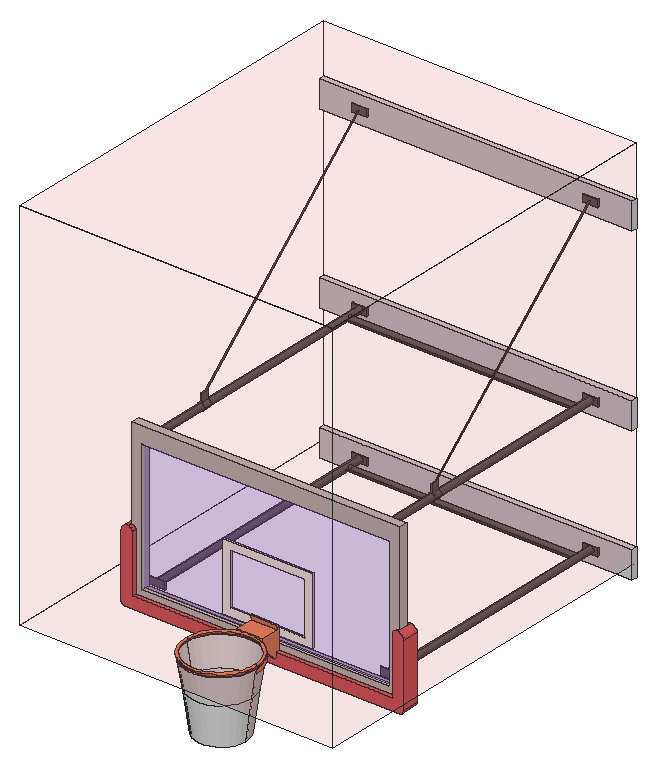
Revit family "Gymnasium-Eqpt_Basketball_IPIbyBison_IP12WF", category Specialty Equipment, Revit 2023
Family settings
  Round Connector Dimension = Use Diameter
  Part Type = Normal
  Work Plane-Based = Yes
  Enable Cutting in Views = No
  Always vertical = No
  Cut with Voids When Loaded = No
  Maintain Annotation Orientation = No
  Shared = No
  Room Calculation Point = No
Parameters (values of type "Wall Mounted Fold Up")
  wall distance text = "4 to 10 ft from Wall"
  Warranty Duration (Years) = 0
  Unit Width = 7' - 0"
  Unit Height [instance] = Stringer Height_First + 0' 2"  # 10' - 0"
  Unit Depth = 2' - 8"
  URL = "https://ipibybison.com/"
  Stringer Wood [instance] = none
  Stringer Height_Third [instance] = 4' - 0"
  Stringer Height_Second [instance] = 3' - 0"
  Stringer Height_First [instance] = 9' - 10"
  Specification = ""
  SpecWizard = ""
  Send Message = ""
  Sales Information = "https://ipibybison.com/ArchitectsPage.php"
  Rim Color [instance] = Plastic - IPI by Bison - Orange OR
  Revision = "R1_01-2018"
  Range of Wall Distance [instance] = wall distance text  # "4 to 10 ft from Wall"
  Product Properties = ""
  Product Data = "http://www.arcat.com/arcatcos/cos49/arc49571.html"
  Net Color [instance] = Finish - IPI by Bison - White Netting
  Model = "IP12WF"
  Manufacturer Website = "https://ipibybison.com/"
  Manufacturer Phone - Toll Free = "800-637-7968"
  Manufacturer Phone = ""
  Manufacturer Fax = "800-638-0698"
  Manufacturer Address = "603 L St  Lincoln, NE 68508"
  Manufacturer = "IPI by Bison"
  Maintenance Schedule (Months) = 0
  Keynote = ""
  Installation-Fabrication = ""
  Installation Phase = ""
  Green Building-LEED = ""
  Glass [instance] = Glass
  Frame Finish [instance] = Finish - IPI by Bison - Black
  Folding Clearance [instance] = ARCAT Clearance
  Expected Lifespan (Years) = 0
  Drawn By = "Sumex Design, Inc. / Robert S. Weygant, CSI, CDT, SCIP"
  Description = "IPI by Bison Wall Mounted Up Folding Basketball Backboard - IP12WF as Specified"
  Default Elevation = 0' - 0"
  Copyright = "©Arcat Inc."
  Construction Details = ""
  Clearance Visible [instance] = yes
  Backboard Square Color [instance] = Finish - IPI by Bison - White
  Backboard Padding Color [instance] = Plastic - IPI by Bison - Scarlet SC
  Backboard Distance from Wall [instance] = 6' - 0"
  Backboard Color [instance] = Finish - IPI by Bison - Satin Aluminum
  Assembly Code = ""
Reference planes (in)
  plane 1 "Center (Front/Back)": y = 0
  plane 2 "Bottom": z = 0
  plane 3 "Center (Left/Right)": x = 0
  plane 4 "Left": x = -42
  plane 5 "Right": x = 42
  plane 6 "Top": z = 120
  plane 7: y = -72
  plane 8: y = -59.5813
  plane 9: z = 118
  plane 10: z = 154
  plane 11: z = 202
  plane 12: x = -31.00488
  plane 13: x = 31.00488
  plane 14: y = -69.5
  plane 15: y = -54
Forms (in)
  Extrusion 1, solid, material <- "Stringer Wood"
    sketch origin (0, 0, 0) x (0, 1, 0) y (0, 0, 1)
      loop
        line (0, 198.375) -> (0, 205.625) -> (-1.5, 205.625) -> (-1.5, 198.375) -> (0, 198.375)
      loop
        line (0, 150.375) -> (0, 157.625) -> (-1.5, 157.625) -> (-1.5, 150.375) -> (0, 150.375)
      loop
        line (0, 114.375) -> (0, 121.625) -> (-1.5, 121.625) -> (-1.5, 114.375) -> (0, 114.375)
    from -42 to 42
  Extrusion 2, solid, material "Finish - IPI by Bison - Black" <- "Frame Finish"
    sketch origin (-31.00488, -180, 220.71867) x (0, 0, 1) y (0, -1, 0)
      loop
        line (-67.71867, -110.25) -> (-67.71867, -110.5) -> (-65.71867, -110.5) -> (-65.71867, -110.25) -> (-67.71867, -110.25)
      loop
        line (-101.71867, -110.25) -> (-103.71867, -110.25) -> (-103.71867, -110.5) -> (-101.71867, -110.5) -> (-101.71867, -110.25)
      loop
        line (-67.71867, -178.5) -> (-65.71867, -178.5) -> (-65.71867, -178.25) -> (-67.71867, -178.25) -> (-67.71867, -178.5)
      loop
        line (-103.71867, -178.5) -> (-101.71867, -178.5) -> (-101.71867, -178.25) -> (-103.71867, -178.25) -> (-103.71867, -178.5)
      loop
        line (-19.71867, -178.5) -> (-17.71867, -178.5) -> (-17.71867, -178.25) -> (-19.71867, -178.25) -> (-19.71867, -178.5)
    from 2 to -2
  Extrusion 3, solid, material "Finish - IPI by Bison - Black" <- "Frame Finish"
    sketch origin (31.00488, -180, 220.71867) x (0, 0, 1) y (0, -1, 0)
      loop
        line (-65.71867, -110.25) -> (-67.71867, -110.25) -> (-67.71867, -110.5) -> (-65.71867, -110.5) -> (-65.71867, -110.25)
      loop
        line (-103.71867, -110.25) -> (-103.71867, -110.5) -> (-101.71867, -110.5) -> (-101.71867, -110.25) -> (-103.71867, -110.25)
      loop
        line (-103.71867, -178.25) -> (-103.71867, -178.5) -> (-101.71867, -178.5) -> (-101.71867, -178.25) -> (-103.71867, -178.25)
      loop
        line (-67.71867, -178.25) -> (-67.71867, -178.5) -> (-65.71867, -178.5) -> (-65.71867, -178.25) -> (-67.71867, -178.25)
      loop
        line (-19.71867, -178.25) -> (-19.71867, -178.5) -> (-17.71867, -178.5) -> (-17.71867, -178.25) -> (-19.71867, -178.25)
    from 2 to -2
  Extrusion 4, solid, material "Finish - IPI by Bison - Black" <- "Frame Finish"
    sketch origin (31.00488, -1.75, 143) x (0, 0, 1) y (-1, 0, 0)
      loop
        circle (11, 62.00977) r 0.875
      loop
        circle (-25, 62.00977) r 0.875
      loop
        circle (11, 0) r 0.875
      loop
        circle (-25, 0) r 0.875
    from 0 to 67.75
  Extrusion 5, solid, material "Finish - IPI by Bison - Black" <- "Frame Finish"
    sketch origin (0, -54, 159.04229) x (0, 0, 1) y (1, 0, 0)
      loop
        line (-4.05404, 30.85203) -> (-1.80404, 30.85203) -> (-1.80404, 31.15773) -> (-4.05404, 31.15773)
        arc (-4.05404, 31.15773) -> (-6.04229, 31.00488) -> (-4.05404, 30.85203) r 1
      loop
        arc (-4.05404, -30.85203) -> (-6.04229, -31.00488) -> (-4.05404, -31.15773) r 1
        line (-4.05404, -31.15773) -> (-1.80404, -31.15773) -> (-1.80404, -30.85203) -> (-4.05404, -30.85203)
    from 1 to -1
  Sweep 6, solid, material "Finish - IPI by Bison - Black" <- "Frame Finish"
    path origin (0, 0, 0) x (0, 1, 0) y (0, 0, 1)
      loop
        line (-54, 156.75) -> (-2.09969, 202)
    profile origin (0, -28.04984, 179.375) x (0, -0.657165, 0.753747) y (1, 0, 0)
      loop
        circle (0, -31.00488) r 0.125
      loop
        circle (0, 31.00488) r 0.125
  Extrusion 7, solid, material "ARCAT Clearance" <- "Folding Clearance", visible <- "Clearance Visible"
    sketch origin (0, 0, 0) x (0, 1, 0) y (0, 0, 1)
      loop
        line (-102, 118) -> (0, 118) -> (0, 219) -> (-102, 219) -> (-102, 118)
    from -42 to 42
  Extrusion 8, solid, material "Finish - IPI by Bison - Black" <- "Frame Finish"
    sketch origin (0, 0, 0) x (0, 1, 0) y (0, 0, 1)
      loop
        circle (-6, 154) r 0.75
      loop
        circle (-6, 118) r 0.75
    from -31.00488 to 31.00488
Dimensions and locks (in)
  equal spacing: plane 4 "Left", plane 3 "Center (Left/Right)", plane 5 "Right"
  "Unit Width": plane 4 "Left" to plane 5 "Right"
  "Unit Height": plane 6 "Top" to level
  locked: plane 7 to plane 8 at 12.4187
  "Backboard Distance from Wall": plane 7 to plane 1 "Center (Front/Back)"
  "Stringer Height_First": plane 9 to level
  "Stringer Height_Second": plane 10 to plane 9
  "Stringer Height_Third": plane 11 to plane 10
  Extrusion 1 sketch curve to plane 9 to Extrusion 1 sketch curve = 0' - 3 5/8" locked, 0' - 3 5/8" locked
  Extrusion 1 sketch curve to plane 10 to Extrusion 1 sketch curve = 0' - 3 5/8" locked, 0' - 3 5/8" locked
  Extrusion 1 sketch curve to plane 11 to Extrusion 1 sketch curve = 0' - 3 5/8" locked, 0' - 3 5/8" locked
  Extrusion 2 sketch curve to plane 10 to Extrusion 2 sketch curve = 0' - 1" locked, 0' - 1" locked  (x2)
  plane 7 to Extrusion 2 sketch curve to Extrusion 2 sketch curve = 0' - 2 1/4" locked, 0' - 0 1/4" locked  (x2)
  Extrusion 2 sketch curve to plane 9 to Extrusion 2 sketch curve = 0' - 1" locked, 0' - 1" locked  (x2)
  Extrusion 2 sketch curve to plane 11 to Extrusion 2 sketch curve = 0' - 1" locked, 0' - 1" locked
  equal spacing: plane 13, plane 3 "Center (Left/Right)", plane 12
  locked: plane 13 to plane 12 at 62.00977
  locked: Extrusion 3 sketch curve to Extrusion 3 sketch curve at 0.25  (x5)
  Extrusion 3 sketch curve to plane 10 to Extrusion 3 sketch curve = 0' - 1" locked, 0' - 1" locked  (x2)
  Extrusion 3 sketch curve to plane 9 to Extrusion 3 sketch curve = 0' - 1" locked, 0' - 1" locked  (x2)
  locked: plane 7 to Extrusion 3 sketch curve at 2.25  (x2)
  Extrusion 3 sketch curve to plane 11 to Extrusion 3 sketch curve = 0' - 1" locked, 0' - 1" locked
  locked: Extrusion 4 sketch curve to plane 12 at 0
  locked: Extrusion 4 sketch curve to plane 10 at 0
  locked: plane 12 to Extrusion 4 sketch curve at 0
  locked: plane 9 to Extrusion 4 sketch curve at 0  (x2)
  locked: plane 13 to Extrusion 4 sketch curve at 0
  locked: Extrusion 4 sketch curve to plane 13 at 0
  locked: plane 10 to Extrusion 4 sketch curve at 0
  locked: plane 7 to plane 14 at 2.5
  locked: plane 7 to plane 15 at 18
  Extrusion 5 sketch curve to plane 13 to Extrusion 5 sketch curve to Extrusion 5 sketch curve = 0' - 0.15285" locked, 0' - 0" locked, 0' - 0.15285" locked
  Extrusion 5 sketch curve to plane 12 to Extrusion 5 sketch curve to Extrusion 5 sketch curve = 0' - 0.15285" locked, 0' - 0" locked, 0' - 0.15285" locked
  Extrusion 5 sketch curve to plane 10 to Extrusion 5 sketch curve = 0' - 3.23825" locked, 0' - 0" locked  (x2)
  locked: Sweep 6 sketch curve to plane 1 "Center (Front/Back)" at 2.09969
  locked: plane 11 to Sweep 6 sketch curve at 0
  locked: Sweep 6 sketch curve to plane 10 at 2.75
  locked: plane 15 to Sweep 6 sketch curve
  locked: Extrusion 3 sketch curve to plane 1 "Center (Front/Back)" at 1.5
  locked: Extrusion 7 sketch curve to plane 11 at 17
  locked: Extrusion 7 sketch curve to plane 7 at 30
  locked: Extrusion 8 sketch curve to plane 1 "Center (Front/Back)" at 6  (x2)
  locked: plane 10 to Extrusion 8 sketch curve at 0
  locked: plane 9 to Extrusion 8 sketch curve at 0
  aligned and locked: nested 1 to plane 8
  aligned and locked: Extrusion 1 to plane 4 "Left"
  aligned and locked: plane 5 "Right" to Extrusion 1
  aligned and locked: plane 14 to Extrusion 4
  aligned and locked: Extrusion 7 sketch curve to plane 9
  aligned and locked: plane 5 "Right" to Extrusion 7
  aligned and locked: Extrusion 7 to plane 4 "Left"
  aligned and locked: plane 13 to Extrusion 8
  aligned and locked: Extrusion 8 to plane 12
Automatic sketch dimensions
  Extrusion 1 sketch curve to plane 1 "Center (Front/Back)" = 0' - 0"  (x3)
  plane 1 "Center (Front/Back)" to Extrusion 1 sketch curve = 0' - 1 1/2"  (x3)
  plane 1 "Center (Front/Back)" to Extrusion 2 sketch curve = 0' - 1 3/4"  (x3)
  Extrusion 2 sketch curve to Extrusion 2 sketch curve = 0' - 0 1/4"  (x3)
  plane 1 "Center (Front/Back)" to Extrusion 3 sketch curve = 0' - 1 3/4"  (x2)
  Extrusion 5 sketch curve to Extrusion 5 sketch curve = 0' - 2 1/4"  (x2)
  Sweep 6 sketch curve to profile plane = 0' - 0"  (x2)
  Sweep 6 sketch curve to plane 3 "Center (Left/Right)" = 2' - 7.00488"
  plane 3 "Center (Left/Right)" to Sweep 6 sketch curve = 2' - 7.00488"
  Extrusion 7 sketch curve to plane 1 "Center (Front/Back)" = 0' - 0"
  radius of Extrusion 4 sketch curve = 0' - 0 7/8"  (x4)
  radius of Sweep 6 sketch curve = 0' - 0 1/8"  (x2)
  radius of Extrusion 8 sketch curve = 0' - 0 3/4"  (x2)
Nested families (in)
  nested 1: "Backboard_BA42XLGlass" at (0, -59.5813, 120) x (-1, 0, 0) z (0, 0, 1), backboard color <- "Backboard Color", backboard square color <- "Backboard Square Color", glass <- "Glass", rim finish <- "Rim Color", net color <- "Net Color", height offset <- "Unit Height", padding color <- "Backboard Padding Color", type "Backboard_BA42XLGlass"
    with rim finish Plastic - IPI by Bison - Orange OR, padding color Plastic - IPI by Bison - Scarlet SC, net color Finish - IPI by Bison - White Netting, height offset 10' - 0", glass Glass, frame finish none, backboard square color Finish - IPI by Bison - White, backboard color Finish - IPI by Bison - Satin Aluminum
Definition of nested family "Backboard_BA42XLGlass"
  Parameters (values of type "Backboard_BA42XLGlass")
    padding color [instance] = none
    net color [instance] = none
    rim finish [instance] = none
    height offset [instance] = 9' - 6"
    glass [instance] = none
    frame finish [instance] = none
    backboard square color [instance] = none
    backboard color [instance] = none
    Default Elevation = 4' - 0"
  Reference planes (in)
    plane 1 "Center (Front/Back)": y = 0
    plane 2: z = 0
    plane 3 "Center (Left/Right)": x = 0
    plane 4: z = -114
  Forms (in)
    Extrusion 1, solid, material <- "backboard color"
      sketch origin (-8.43545, 11.2937, 28.94441) x (1, 0, 0) y (0, 0, 1)
        loop
          line (-27.56455, 6.99989) -> (-27.56455, -35.00011) -> (44.43545, -35.00011) -> (44.43545, 6.99989) -> (-27.56455, 6.99989)
        loop
          line (41.81045, 2.74989) -> (-24.93955, 2.74989) -> (-24.93955, -32.37511) -> (41.81045, -32.37511) -> (41.81045, 2.74989)
      from 1.125 to -1.125
    Extrusion 2, solid, material <- "padding color"
      sketch origin (-8.43545, 11.2937, 29.06941) x (1, 0, 0) y (0, 0, 1)
        loop
          line (-27.55038, -17.62511) -> (-27.80038, -17.62511)
          arc (-27.80038, -17.62511) -> (-29.03781, -18.13767) -> (-29.55038, -19.37511) r 1.75
          line (-29.55038, -19.37511) -> (-29.55038, -36.12511)
          arc (-29.55038, -36.12511) -> (-29.25748, -36.83222) -> (-28.55038, -37.12511) r 1
          line (-28.55038, -37.12511) -> (45.44962, -37.12511)
          arc (45.44962, -37.12511) -> (46.15673, -36.83222) -> (46.44962, -36.12511) r 1
          line (46.44962, -36.12511) -> (46.44962, -19.37511)
          arc (46.44962, -19.37511) -> (45.93706, -18.13767) -> (44.69962, -17.62511) r 1.75
          line (44.69962, -17.62511) -> (44.42127, -17.62511)
          arc (44.42127, -17.62511) -> (43.71416, -17.918) -> (43.42127, -18.62511) r 1
          line (43.42127, -18.62511) -> (43.42127, -33.98376) -> (-26.55038, -33.98376) -> (-26.55038, -18.62511)
          arc (-26.55038, -18.62511) -> (-26.84327, -17.918) -> (-27.55038, -17.62511) r 1
      from -2.18697 to 2.14819
    Revolve 3, solid, material <- "net color"
      sketch origin (-8.43545, 27.4812, 28.93687) x (1, 0, 0) y (0, 0, 1)
        loop
          circle (-0.85808, -29.24642) r 0.3125
        loop
          line (-1.03195, -29.9762) -> (0.27041, -37.36226) -> (1.80132, -48.25521) -> (2.05377, -48.25521) -> (0.51737, -37.32314) -> (-0.77809, -29.9762) -> (-1.03195, -29.9762)
        axis (8.43545, -48.25521) -> (8.43545, -29.24642)
      angle from 0 to 360
    Revolve 4, solid, material <- "rim finish"
      sketch origin (0.02792, 11.2937, 0) x (0, 1, 0) y (0, 0, 1)
        loop
          line (6.79001, -0.625) -> (6.54001, -0.625) -> (6.54001, -2.125) -> (6.79001, -2.125) -> (6.79001, -0.625)
        axis (16.04001, -2.125) -> (16.04001, -0.625)
      angle from -90 to 90
    Extrusion 5, solid, material <- "rim finish"
      sketch origin (0, 0, 0) x (0, 1, 0) y (0, 0, 1)
        loop
          line (17.69724, 0) -> (12.8212, 0) -> (13.12361, 1.21287) -> (12.79369, 1.29513) -> (12.47078, 0) -> (12.47078, -6.5) -> (13.63137, -6.5) -> (17.69724, -2.43414) -> (17.69724, 0)
      from -3.50075 to 3.49925
    Extrusion 6, solid, material <- "backboard square color"
      sketch origin (0.02792, 11.2937, 0) x (1, 0, 0) y (0, 0, 1)
        loop
          line (-12.02792, 16.0023) -> (-12.02792, -1.9977) -> (11.97208, -1.9977) -> (11.97208, 16.0023) -> (-12.02792, 16.0023)
        loop
          line (-10.02792, 14.0023) -> (-10.02792, 0) -> (9.97208, 0) -> (9.97208, 14.0023) -> (-10.02792, 14.0023)
      from -0.44333 to 0.05679
    Extrusion 7, solid, material <- "glass"
      sketch origin (0.02792, 11.2937, 0) x (1, 0, 0) y (0, 0, 1)
        loop
          line (-33.40292, 31.6943) -> (-33.40292, -3.4307) -> (33.34708, -3.4307) -> (33.34708, 31.6943) -> (-33.40292, 31.6943)
      from -0.405 to 0
  Lines and regions (in)
    model lines
      curve 1: line (-0.00075, 0, 0) -> (-0.00075, 0, -114)
  Dimensions and locks (in)
    "height offset": level to plane 4
    aligned and locked: plane 2 to level
    aligned and locked: plane 4 to curve 1
  Automatic sketch dimensions
    curve 1 to level = 0' - 0"
    curve 1 to plane 3 "Center (Left/Right)" = 0' - 0.00075"
    Extrusion 1 sketch curve to plane 3 "Center (Left/Right)" = 3' - 0"
    Extrusion 1 sketch curve to Extrusion 1 sketch curve = 0' - 2 5/8"  (x2)
    plane 3 "Center (Left/Right)" to Extrusion 1 sketch curve = 2' - 9 3/8"
    Extrusion 1 sketch curve to level = 0' - 6.0557"
    Extrusion 1 sketch curve to level = 0' - 3.4307"
    level to Extrusion 1 sketch curve = 2' - 7.6943"
    Extrusion 1 sketch curve to Extrusion 1 sketch curve = 0' - 4 1/4"
    level to Extrusion 2 sketch curve = 0' - 9.6943"
    Extrusion 2 sketch curve to plane 3 "Center (Left/Right)" = 3' - 1.98582"
    Extrusion 2 sketch curve to Extrusion 2 sketch curve = 0' - 1"  (x4)
    Extrusion 2 sketch curve to Extrusion 2 sketch curve = 0' - 1 3/4"
    Extrusion 2 sketch curve to Extrusion 2 sketch curve = 0' - 0 1/4"
    level to Extrusion 2 sketch curve = 0' - 10.4443"
    plane 3 "Center (Left/Right)" to Extrusion 2 sketch curve = 2' - 10.98582"
    Extrusion 2 sketch curve to Extrusion 2 sketch curve = 0' - 0.27835"
    Extrusion 2 sketch curve to Extrusion 2 sketch curve = 0' - 2.02835"
    Extrusion 2 sketch curve to level = 0' - 4.91435"
    Extrusion 2 sketch curve to Extrusion 2 sketch curve = 0' - 2.14135"
    Revolve 3 sketch curve to plane 3 "Center (Left/Right)" = 0' - 0"
    Revolve 3 sketch curve to plane 3 "Center (Left/Right)" = 0' - 6.38167"
    Revolve 3 sketch curve to Revolve 3 sketch curve = 0' - 0.25246"
    Revolve 3 sketch curve to plane 3 "Center (Left/Right)" = 0' - 7.91808"
    Revolve 3 sketch curve to Revolve 3 sketch curve = 0' - 0.24696"
    Revolve 3 sketch curve to level = 0' - 1.03933"
    Revolve 3 sketch curve to Revolve 3 sketch curve = 0' - 1.0485"
    Revolve 3 sketch curve to level = 0' - 0.30954"
    Revolve 3 sketch curve to Revolve 3 sketch curve = 0' - 0.07999"
    Revolve 3 sketch curve to Revolve 3 sketch curve = 0' - 0.25386"
    Revolve 3 sketch curve to Revolve 3 sketch curve = 0' - 7.34694"
    Revolve 3 sketch curve to Revolve 3 sketch curve = 0' - 0.03911"
    Revolve 3 sketch curve to Revolve 3 sketch curve = 0' - 10.89295"
    Revolve 3 sketch curve to level = 0' - 0.00754"
    level to Revolve 3 sketch curve = 0' - 2.99246"
    Revolve 4 sketch curve to level = 0' - 2 1/8"
    Revolve 4 sketch curve to plane 1 "Center (Front/Back)" = 1' - 5.83371"
    Revolve 4 sketch curve to Revolve 4 sketch curve = 0' - 0 1/4"
    Revolve 4 sketch curve to level = 0' - 0 5/8"  (x2)
    Revolve 4 sketch curve to Revolve 4 sketch curve = 0' - 9 1/4"
    level to Revolve 4 sketch curve = 0' - 3 1/8"
    Extrusion 5 sketch curve to level = 0' - 0"  (x2)
    Extrusion 5 sketch curve to plane 1 "Center (Front/Back)" = 1' - 0.47078"
    level to Extrusion 5 sketch curve = 0' - 1.29513"
    Extrusion 5 sketch curve to Extrusion 5 sketch curve = 0' - 0.32291"
    Extrusion 5 sketch curve to Extrusion 5 sketch curve = 0' - 0.35043"
    Extrusion 5 sketch curve to Extrusion 5 sketch curve = 0' - 1.16059"
    Extrusion 5 sketch curve to Extrusion 5 sketch curve = 0' - 4.57363"
    Extrusion 5 sketch curve to Extrusion 5 sketch curve = 0' - 2.43414"
    Extrusion 5 sketch curve to Extrusion 5 sketch curve = 0' - 6 1/2"
    Extrusion 6 sketch curve to level = 0' - 0"
    Extrusion 6 sketch curve to level = 0' - 1.9977"
    Extrusion 6 sketch curve to plane 3 "Center (Left/Right)" = 1' - 0"
    Extrusion 6 sketch curve to Extrusion 6 sketch curve = 0' - 2"  (x3)
    plane 3 "Center (Left/Right)" to Extrusion 6 sketch curve = 0' - 10"
    Extrusion 6 sketch curve to Extrusion 6 sketch curve = 1' - 2.0023"
    Extrusion 7 sketch curve to plane 3 "Center (Left/Right)" = 2' - 9 3/8"
    Extrusion 7 sketch curve to level = 0' - 3.4307"
    plane 3 "Center (Left/Right)" to Extrusion 7 sketch curve = 2' - 9 3/8"
    level to Extrusion 7 sketch curve = 2' - 7.6943"
    radius of Revolve 3 sketch curve = 0' - 0 5/16"
